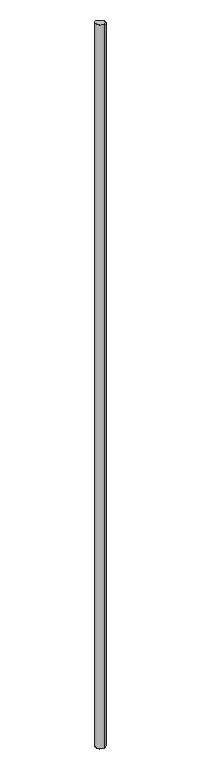
Revit family "TIE ROD 15-1,2_0230120", category Generic Models, Revit 2018
Family settings
  Can host rebar = No
  Round Connector Dimension = Use Diameter
  Part Type = Normal
  OmniClass Number = 35.51.14.00
  OmniClass Title = FORMWORK
  Work Plane-Based = Yes
  Always vertical = No
  Cut with Voids When Loaded = No
  Shared = Yes
  Room Calculation Point = No
Parameters
  VERSION = "20190101"  # constant formula
  URL = "www.ulmaconstruction.com/en"
  UNICLASS = ""
  ITEM_CODE = "0230120"
  Manufacturer = "ULMA CONSTRUCTION"  # constant formula
  FILTER [instance] = ""
  Default Elevation = 0 mm
  CLASSIFICATION TITLE = ""
  CLASSIFICATION NUMBER = ""
Reference planes
  plane 1 "Centro (Frontal/Posterior)": y = 0
  plane 2: z = 0
  plane 3 "Centro (Izquierda/Derecha)": x = 0
  plane 4 "ITEM_LENGTH": z = 1200
  plane 5 "MIDDLE": z = 600
Forms (mm)
  Extrusion 1, solid, material "ULMA ZINC", detail levels medium+fine
    sketch origin (0, 0, 0) x (1, 0, 0) y (0, 1, 0)
      loop
        circle (0, 0) r 7.5
    from 0 to 1200
Lines and regions (mm)
  model lines, style "ULMA TIE ROD", detail levels coarse
    curve 1: line (0, 0, 0) -> (0, 0, 1200)
Dimensions and locks
  locked: plane 4 "ITEM_LENGTH" to plane 2 at 1200
  equal spacing: plane 4 "ITEM_LENGTH", plane 5 "MIDDLE", plane 2
  aligned and locked: level to plane 2
  aligned and locked: plane 4 "ITEM_LENGTH" to curve 1
  aligned and locked: plane 2 to curve 1
  aligned and locked: plane 4 "ITEM_LENGTH" to Extrusion 1
Automatic sketch dimensions
  plane 1 "Centro (Frontal/Posterior)" to Extrusion 1 sketch curve = 0 mm
  Extrusion 1 sketch curve to plane 3 "Centro (Izquierda/Derecha)" = 0 mm
  curve 1 to plane 3 "Centro (Izquierda/Derecha)" = 0 mm
  radius of Extrusion 1 sketch curve = 7.5 mm
